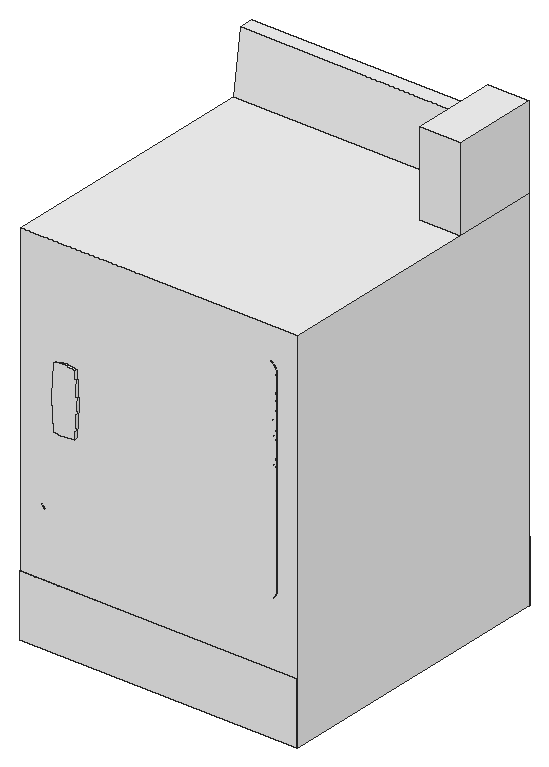
Revit family "Econ-O-Dry-Single-Load_ContinentalGirbau", category Mechanical Equipment, Revit 2018
Family settings
  Round Connector Dimension = Use Radius
  Part Type = Normal
  OmniClass Number = 23.45.70.11.14.17
  OmniClass Title = Clothes Dryers
  Work Plane-Based = No
  Always vertical = Yes
  Cut with Voids When Loaded = No
  Shared = No
  Room Calculation Point = No
Parameters (values of type "ONE")
  Warranty Duration (Years) = 0
  Voltage = 0 V
  URL = "http://www.continentalgirbau.com"
  Trim Material = Painted Metal - Black
  Three Phase = 0 VA
  Test Data = ""
  Specification = "http://www.arcat.com/sd/clients/cogirbau.html?coid=44467"
  SpecWizard = "http://www.arcat.com/specwizard/11110con/index.htm?mf=&coid=44467"
  Single Phase = 0 VA
  Shell Material = Painted Metal - White
  Send Message = "http://admin.arcat.com/users.pl?action=UserEmail&company=Continental%20Girbau,%20Inc.&coid=44467&rep=132&fax=920-231-4666 &mf="
  Sales Information = ""
  Product Properties = "http://www.arcat.com/bim/bim_info.pl?fn=Commercial_Washer"
  Product Data = "http://www.arcat.com/arcatcos/cos44/arc44467.html"
  OpeningCL = DoorOpening / 2  # 1' - 0.34961"
  Model = "Generic"
  Mech_Waste = 0' - 4"
  Mech_Steam-Pressure = "0 psi"
  Mech_Steam-Flow = "0"
  Mech_Steam = 0' - 0"
  Mech_Gas_Inlet = 0' - 0"
  Manufacturer Website = "http://www.continentalgirbau.com"
  Manufacturer Phone - Toll Free = "800-256-1073 "
  Manufacturer Phone = "920-231-8222 "
  Manufacturer Fax = "920-231-4666 "
  Manufacturer Address = "2500 State Rd. 44; Oshkosh; WI 54904\r\n"
  Manufacturer = "Continental Girbau, Inc.\r\n"
  Maintenance Schedule (Months) = 0
  MachWidth = 2' - 3"
  MachHeight = 3' - 0"
  MachDepth = 2' - 4 1/4"
  LwrPanHt = MachHeight / 3  # 1' - 0"
  Keynote = "11 23 00"
  Installation-Fabrication = ""
  Installation Phase = "Interior Fittings"
  InstWidth = 1' - 6"
  Green Building-LEED = "http://www.arcat.com/green/clients/leed_data_44467.html"
  GlassCL = OpeningCL - 0' 2"  # 0' - 10.34961"
  Gas Heat Source = no
  Fr_FaceWdth = MachWidth / 6  # 0' - 4 1/2"
  Expected Lifespan (Years) = 0
  Electric Heat Source = yes
  Drawn By = "Robert S. Weygant, CSI, CDT, SCIP"
  DoorOpening = 2' - 0 179/256"
  DoorHeight = 1' - 0"
  Description = "Commercial Washer"
  Cyl_Diam = CylRad * 2  # 2' - 2"
  Cyl_Depth = 2' - 0"
  CylRad = 1' - 1"
  Copyright = "2009, ARCAT, Inc."  # constant formula
  Construction Details = "http://www.arcat.com/details/cogirbau/cogirbau.html?coid=44467"
  Capacity_Weight = 25
  Capacity_Volume = (3.1416 * (CylRad ^ 2)) * Cyl_Depth  # 0.20881 m³
  Building Codes = ""
  BTU = ""
  Assembly Code = "E1010610"
Reference planes (in)
  plane 1 "Front": y = 0
  plane 2: z = 0
  plane 3 "Center (Left/Right)": x = 4.36029
  plane 4: x = -9.13971
  plane 5: x = 17.86029
  plane 6: y = 28.25
  plane 7: z = 36
  plane 8: z = 24.34961
  plane 9: z = 12
  plane 10 "DoorFront": y = 2
  plane 11: y = 26
Forms (in)
  Extrusion 1, solid, material "Painted Metal - White" <- "Shell Material"
    sketch origin (0, 0, 0) x (1, 0, 0) y (0, 1, 0)
      loop
        line (-9.13971, 0) -> (17.86029, 0) -> (17.86029, 28.25) -> (-9.13971, 28.25) -> (-9.13971, 0)
    from 0 to 36
  Extrusion 2, solid, material "Painted Metal - White" <- "Shell Material"
    sketch origin (0, 2, -18.64844) x (-1, 0, 0) y (0, 0, 1)
      loop
        arc (7.13971, 50.64844) -> (6.84682, 51.35554) -> (6.13971, 51.64844) r 1
        line (6.13971, 51.64844) -> (-14.86029, 51.64844)
        arc (-14.86029, 51.64844) -> (-15.5674, 51.35554) -> (-15.86029, 50.64844) r 1
        line (-15.86029, 50.64844) -> (-15.86029, 31.64844)
        arc (-15.86029, 31.64844) -> (-15.5674, 30.94133) -> (-14.86029, 30.64844) r 1
        line (-14.86029, 30.64844) -> (6.13971, 30.64844)
        arc (6.13971, 30.64844) -> (6.84682, 30.94133) -> (7.13971, 31.64844) r 1
        line (7.13971, 31.64844) -> (7.13971, 50.64844)
    from -0.95871 to -2
  Extrusion 3, solid, material "Painted Metal - White" <- "Shell Material"
    sketch origin (0, 2, 0) x (-1, 0, 0) y (0, 0, 1)
      loop
        line (4.66054, 36) -> (-13.38112, 36) -> (-13.38112, 28) -> (4.66054, 28) -> (4.66054, 36)
    from 0 to -2
  Extrusion 4, solid, material "Painted Metal - White" <- "Shell Material"
    sketch origin (0, 2, 0) x (-1, 0, 0) y (0, 0, 1)
      loop
        line (4.66054, 0) -> (4.66054, 12) -> (-13.38112, 12) -> (-13.38112, 0) -> (4.66054, 0)
    from 0 to -2
  Extrusion 5, solid, material "Glass"
    sketch origin (0, 2, -16.54883) x (-1, 0, 0) y (0, 0, 1)
      loop
        circle (-4.36029, 40.89844) r 10.34961
    from 0 to 0.5
  Extrusion 6, solid, material "Painted Metal - White" <- "Shell Material"
    sketch origin (0, 0, 0) x (1, 0, 0) y (0, 0, 1)
      loop
        line (-9.13971, 0) -> (17.86029, 0) -> (17.86029, 6) -> (-9.13971, 6) -> (-9.13971, 0)
    from -0.0625 to 0.0625
  Extrusion 7, solid, material "Painted Metal - White" <- "Shell Material"
    sketch origin (4.36029, 0, 0) x (0, 1, 0) y (0, 0, 1)
      loop
        line (28.25, 36) -> (28.25, 41.75) -> (26.82143, 41.75) -> (26, 36) -> (28.25, 36)
    from -13.5 to 13.5
  Extrusion 8, solid
    sketch origin (0, 0, 0) x (1, 0, 0) y (0, 0, 1)
      loop
        line (17.86029, 0) -> (17.86029, 6) -> (11.86029, 6) -> (11.86029, 0) -> (17.86029, 0)
    from -28.3125 to -28.25
  Extrusion 9, solid
    sketch origin (0, 0, 4.39223) x (1, 0, 0) y (0, 0, 1)
      loop
        line (7.36029, 13.60777) -> (1.36029, 13.60777) -> (1.36029, 7.60777) -> (7.36029, 7.60777) -> (7.36029, 13.60777)
    from -28.3125 to -28.25
  Extrusion 10, solid
    sketch origin (-6.4375, 0, -2.60777) x (1, 0, 0) y (0, 0, 1)
      loop
        line (4.29779, 13.60777) -> (1.29779, 13.60777) -> (1.29779, 10.60777) -> (4.29779, 10.60777) -> (4.29779, 13.60777)
    from -28.3125 to -28.25
  Extrusion 11, solid, material "Painted Metal - White"
    sketch origin (0, 2, -18.64844) x (-1, 0, 0) y (0, 0, 1)
      loop
        arc (5.6721, 44.12752) -> (4.6721, 44.31922) -> (3.6721, 44.12752) r 2.70411
        arc (3.6721, 44.12752) -> (3.47731, 41.12752) -> (3.6721, 38.12752) r 23.19912
        arc (3.6721, 38.12752) -> (4.6721, 38.00198) -> (5.6721, 38.12752) r 4.04539
        arc (5.6721, 38.12752) -> (5.86585, 41.12752) -> (5.6721, 44.12752) r 23.32308
    from -2 to -2.26625
  Extrusion 12, solid, material "Painted Metal - White" <- "Shell Material"
    sketch origin (0, 0, 0) x (1, 0, 0) y (0, 0, 1)
      loop
        line (17.86029, 36) -> (17.86029, 44.125) -> (13.86029, 44.125) -> (13.86029, 36) -> (17.86029, 36)
    from -28.25 to -19.88893
Cuts and joins
  joined: Extrusion 1, Extrusion 3, Extrusion 4
  joined: Extrusion 7, Extrusion 12
Lines and regions (in)
  symbolic lines
    curve 1: line (16.60563, 2, 0) -> (14.60563, 2, 0)
    curve 2: line (16.60563, -22.69922, 0) -> (16.60563, 2, 0)
    curve 3: line (14.60563, -22.69922, 0) -> (16.60563, -22.69922, 0)
    curve 4: line (14.60563, 2, 0) -> (14.60563, -22.69922, 0)
    curve 5: arc (16.60563, -22.69922, 0) -> (-0.23597, -16.06687, 0) -> (-8.0328, 0.26829, 0) r 24.69922
Dimensions and locks (in)
  "MachWidth": plane 4 to plane 5
  "MachDepth": plane 1 "Front" to plane 6
  equal spacing: plane 4, plane 3 "Center (Left/Right)", plane 5
  "MachHeight": plane 7 to plane 2
  "DoorHeight": plane 9 to plane 2
  "OpeningCL": plane 8 to plane 9
  "Cyl_Depth": plane 11 to plane 10 "DoorFront"
  locked: Extrusion 3 sketch curve to Extrusion 3 sketch curve at 8
  "DoorOpening": curve 3 to curve 1
  "LwrPanHt": Extrusion 4 to level
  Extrusion 3 to plane 8 = 0' - 3.65039"  (x2)
  Extrusion 7 sketch curve to plane 7 = 0' - 5 3/4"
  locked: cut or joined group of Extrusion 1, Extrusion 3, Extrusion 4 to Extrusion 8 sketch curve at 6  (x2)
  locked: Extrusion 9 sketch curve to Extrusion 9 sketch curve at 6  (x2)
  locked: Extrusion 8 to cut or joined group of Extrusion 1, Extrusion 3, Extrusion 4 at 0.0625
  locked: cut or joined group of Extrusion 1, Extrusion 3, Extrusion 4 to Extrusion 9 at 12
  equal spacing: Extrusion 9 sketch curve, plane 3 "Center (Left/Right)", Extrusion 9 sketch curve
  locked: Extrusion 10 sketch curve to Extrusion 10 sketch curve at 3  (x2)
  locked: cut or joined group of Extrusion 1, Extrusion 3, Extrusion 4 to Extrusion 10 at 4
  locked: cut or joined group of Extrusion 1, Extrusion 3, Extrusion 4 to Extrusion 10 at 8
  cut or joined group of Extrusion 7, Extrusion 12 to level = 3' - 8 1/8"
  "GlassCL": radius of Extrusion 5 sketch curve
  aligned and locked: plane 4 to Extrusion 1
  aligned and locked: plane 5 to Extrusion 1
  aligned and locked: plane 1 "Front" to Extrusion 1
  aligned and locked: plane 6 to Extrusion 1
  aligned and locked: plane 7 to Extrusion 1
  aligned and locked: Extrusion 3 sketch curve to plane 7
  aligned and locked: Extrusion 4 sketch curve to plane 2
  aligned and locked: Extrusion 6 sketch curve to plane 5
  aligned and locked: Extrusion 6 sketch curve to plane 2
  aligned and locked: cut or joined group of Extrusion 1, Extrusion 3, Extrusion 4 to Extrusion 6 sketch curve
  aligned and locked: plane 8 to Extrusion 5
  aligned and locked: Extrusion 7 sketch curve to cut or joined group of Extrusion 1, Extrusion 3, Extrusion 4
  aligned and locked: Extrusion 7 to plane 4
  aligned and locked: Extrusion 7 to plane 5
  aligned and locked: Extrusion 8 to plane 6
  aligned and locked: Extrusion 9 to plane 6
  aligned and locked: Extrusion 9 to Extrusion 8
  aligned and locked: Extrusion 10 to cut or joined group of Extrusion 1, Extrusion 3, Extrusion 4
  aligned and locked: Extrusion 10 to Extrusion 8
  aligned and locked: Extrusion 11 to plane 1 "Front"
  aligned and locked: plane 6 to Extrusion 12
Automatic sketch dimensions
  curve 4 to plane 10 "DoorFront" = 0' - 0"
  curve 5 to plane 10 "DoorFront" = 0' - 0"
  curve 5 to plane 1 "Front" = 0' - 0.26829"
  plane 4 to curve 5 = 0' - 1.10691"
  curve 4 to curve 2 = 0' - 2"
  Extrusion 1 sketch curve to plane 4 = 0' - 0"
  Extrusion 1 sketch curve to plane 5 = 0' - 0"
  Extrusion 1 sketch curve to plane 6 = 0' - 0"
  plane 5 to Extrusion 3 sketch curve = 0' - 4.47917"
  plane 4 to Extrusion 3 sketch curve = 0' - 4.47917"
  plane 5 to Extrusion 4 sketch curve = 0' - 4.47917"
  plane 4 to Extrusion 4 sketch curve = 0' - 4.47917"
  plane 9 to Extrusion 4 sketch curve = 0' - 0"
  Extrusion 5 sketch curve to plane 3 "Center (Left/Right)" = 0' - 0"
  Extrusion 5 sketch curve to plane 8 = 0' - 0"
  level to Extrusion 6 sketch curve = 0' - 6"
  Extrusion 8 sketch curve to plane 5 = 0' - 0"
  Extrusion 8 sketch curve to level = 0' - 0"
  Extrusion 9 sketch curve to plane 9 = 0' - 0"
  plane 4 to Extrusion 10 sketch curve = 0' - 4"
  level to Extrusion 10 sketch curve = 0' - 8"
  plane 9 to Extrusion 2 sketch curve = 0' - 1"
  Extrusion 2 sketch curve to plane 9 = 0' - 0"
  plane 5 to Extrusion 2 sketch curve = 0' - 2"
  Extrusion 2 sketch curve to Extrusion 2 sketch curve = 0' - 1"  (x3)
  plane 4 to Extrusion 2 sketch curve = 0' - 3"  (x2)
  Extrusion 2 sketch curve to plane 7 = 0' - 4"
  Extrusion 1 sketch curve to plane 1 "Front" = 0' - 0"
  plane 5 to Extrusion 11 sketch curve = 0' - 0.40307"
  plane 4 to Extrusion 11 sketch curve = 0' - 5.46761"
  Extrusion 11 sketch curve to plane 8 = 0' - 1.38294"
  Extrusion 11 sketch curve to Extrusion 11 sketch curve = 0' - 0"  (x2)
  Extrusion 11 sketch curve to Extrusion 11 sketch curve = 0' - 2"  (x2)
  Extrusion 11 sketch curve to plane 8 = 0' - 1.87052"
  Extrusion 11 sketch curve to plane 4 = 1' - 5.53672"
  Extrusion 11 sketch curve to Extrusion 11 sketch curve = 0' - 3.48759"
  Extrusion 11 sketch curve to Extrusion 11 sketch curve = 0' - 0.43226"
  plane 8 to Extrusion 11 sketch curve = 0' - 1.12948"
  Extrusion 12 sketch curve to plane 7 = 0' - 0"
  Extrusion 12 sketch curve to plane 5 = 0' - 0"
  plane 5 to Extrusion 12 sketch curve = 0' - 4"
  Extrusion 12 sketch curve to Extrusion 12 sketch curve = 0' - 8 1/8"
  Extrusion 7 sketch curve to plane 11 = 0' - 0"
  Extrusion 7 sketch curve to plane 6 = 0' - 0"
  plane 11 to Extrusion 7 sketch curve = 0' - 0.82143"
Connectors (in)
  electrical at (14.86029, 28.25, 3), driven by "Voltage", driven by "Single Phase", driven by "Three Phase"
    settings: on Extrusion 8, index 1, voltage 0 V, apparent load 0 VA, apparent load phase1 0 VA, apparent load phase2 0 VA, apparent load phase3 0 VA, power factor 1, load classification "Other", number of poles 3, system type 31, power factor state 1, is connector primary yes, connector utility no, sub classification motor no, connector description ""
  hvac at (4.36029, 28.3125, 15), driven by "Mech_Waste"
    settings: on Extrusion 9, index 2, duct flow 0 CFM, flow factor 0, pres drop 0.00 in-wg, loss coef 0, conn angle 0.00°, conn width 12", conn height 12", conn diameter 8", duct sys type 4, conn prof type 0, flow config 0, flow direction 0, loss method 0, conn ref index -1, conn util no, is conn primary yes, conn desc ""
  piping at (-3.63971, 28.3125, 9.5), driven by "Mech_Gas_Inlet"
    settings: on Extrusion 10, index 3, connector diameter 0", connector inside diameter 0", connector length 0' - 0", flow factor 0, pipe flow 0 GPM, pressure drop 0.00 psi, fitting loss kfactor 0, connector angle 0.00°, fixture units 0, engagement length 0' - 0", angle of deflection 0.00°, flow configuration 0, flow direction 0, fitting loss method 0, system type 22, joint type 0, gender type 0, connector reference index -1, connector utility 0, adjustable connector no, is connector primary yes, connector description "Mech_Gas_Inlet"
